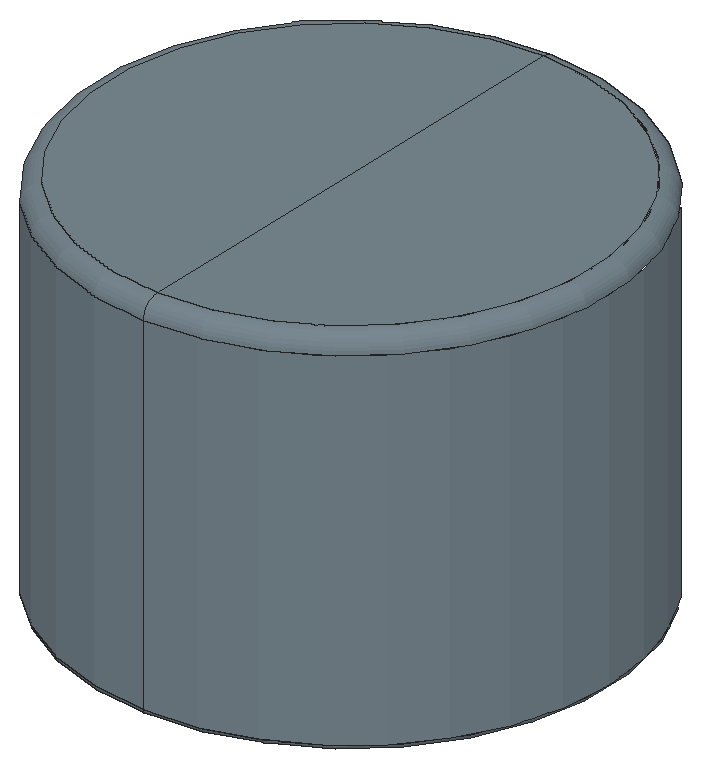
Revit family "Rocking 15in Stool Low", category Generic Models, Revit 2018
Family settings
  Can host rebar = No
  Round Connector Dimension = Use Diameter
  Part Type = Normal
  Work Plane-Based = No
  Always vertical = Yes
  Cut with Voids When Loaded = No
  Shared = No
  Room Calculation Point = No
Parameters
  Fabric = Dot Rocking 15" Stool Low Fabric
Reference planes (in)
  plane 1 "Center (Front/Back)": y = 0
  plane 2: z = 0
  plane 3 "Center (Left/Right)": x = 0
Forms (in)
  Revolve 1, solid, material "Dot-Rocking Base"
    sketch origin (0, 0, 0) x (0, 1, 0) y (0, 0, 1)
      loop
        line (0, 1.27726) -> (-6.69085, 1.27726)
        arc (-6.69085, 1.27726) -> (-6.73259, 1.25997) -> (-6.74988, 1.21822) r 0.05903
        line (-6.74988, 1.21822) -> (-6.74988, 1.02136)
        arc (-6.74988, 1.02136) -> (-6.70952, 0.92392) -> (-6.61208, 0.88356) r 0.1378
        line (-6.61208, 0.88356) -> (-6.47663, 0.88356)
        arc (-6.47663, 0.88356) -> (-3.26831, 0.22191) -> (0, 0) r 24.17922
        line (0, 0) -> (0, 1.27726)
      axis (0, 1.27726) -> (0, 0)
    angle from 0 to 360
  Revolve 2, solid, material "Dot Rocking 15" Stool Low Fabric" <- "Fabric"
    sketch origin (0, 0, 0.78222) x (0, 1, 0) y (0, 0, 1)
      loop
        line (0, 11.24504) -> (-7.00037, 11.24504)
        arc (-7.00037, 11.24504) -> (-7.35387, 11.09861) -> (-7.5003, 10.74511) r 0.49993
        line (-7.5003, 10.74511) -> (-7.5003, 0.62005)
        arc (-7.5003, 0.62005) -> (-7.46369, 0.53165) -> (-7.37529, 0.49504) r 0.12501
        line (-7.37529, 0.49504) -> (0, 0.49504) -> (0, 11.24504)
      axis (0, 11.24504) -> (0, 0.49504)
    angle from 0 to 360
Dimensions and locks (in)
  aligned and locked: plane 2 to level
